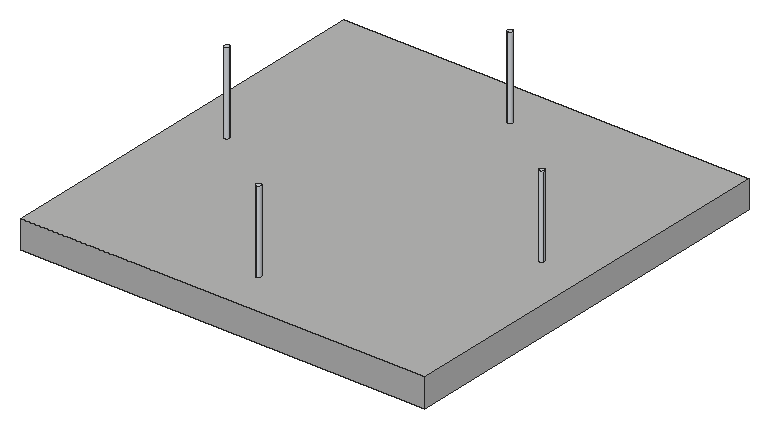
Revit family "Lum_Teto_Quadrada_Pendente", category Lighting Fixtures, host Ceiling, Revit 2025
Family settings
  Host = Ceiling
  Round Connector Dimension = Use Diameter
  Part Type = Normal
  OmniClass Number = 23.80.70.11
  OmniClass Title = Luminaries for Internal Lighting
  Always vertical = Yes
  Cut with Voids When Loaded = No
  Light Source = Yes
  Maintain Annotation Orientation = No
  Shared = No
  Room Calculation Point = Yes
Parameters (values of type "LIMI_QP")
  Wattage = 16.1571 W
  built-in parameter 1150110 = 1 (stored number, unit not read)
  built-in parameter 1114217 = 1 (stored number, unit not read)
  built-in parameter 1150109 = 1 (stored number, unit not read)
  built-in parameter 1150134 = (empty or 0)
  built-in parameter 1150113 = 1 (stored number, unit not read)
  Lumens = 2400 lm
  built-in parameter 1150115 = 1 (stored number, unit not read)
  built-in parameter 1150105 = 763.94 (stored number, unit not read)
  built-in parameter 1150130 = 0.300 m
  built-in parameter 1150137 = (empty or 0)
  built-in parameter 1150139 = (empty or 0)
  built-in parameter 1150112 = 1 (stored number, unit not read)
  built-in parameter 1150114 = 1 (stored number, unit not read)
  L = 0.500 m
  built-in parameter 1150132 = 2
  built-in parameter 1150102 = (empty or 0)
  built-in parameter 1150138 = (empty or 0)
  built-in parameter 1150107 = 3000 (stored number, unit not read)
  built-in parameter 1150106 = 7.6394 (stored number, unit not read)
  Emit from Rectangle Width = 0.120 m
  Emit from Rectangle Length = 0.120 m
  Emit Shape Visible in Rendering = no
  built-in parameter 1150104 = 13.8 (stored number, unit not read)
  E = L / 2  # 0.250 m
  Dimming Lamp Color Temperature Shift = <None>
  Diffuser = Opal Diffuser
  Default Elevation = 0.000 m
  D = 0.100 m
  Color Filter = 16777215
  C = 0.500 m
  Body = Aluminum Housing
  Light Source Symbol Size = 0.3048 m
  built-in parameter 1150133 = 10 (stored number, unit not read)
  A = 0.035 m
Reference planes (m)
  plane 1 "Light Source Axis (F/B)": y = 0
  plane 2 "Ceiling": z = 2.4384
  plane 3 "Light Source Axis (L/R)": x = 0
  plane 4 "Light Source Elevation": z = 2.3034
  plane 5: z = 2.3384
Forms (m)
  Extrusion 1, solid, material "Aluminum Housing" <- "Body"
    sketch origin (-0.02, 0, 2.3034) x (0, -1, 0) y (1, 0, 0)
      loop
        line (-0.25, -0.23) -> (0.25, -0.23) -> (0.25, 0.27) -> (-0.25, 0.27) -> (-0.25, -0.23)
    from 0 to 0.035
  Extrusion 2, solid
    sketch origin (0.39908, -0.001495, 0) x (1, 0, 0) y (0, 1, 0)
      loop
        circle (-0.593446, 0.001495) r 0.003039
    from 2.3384 to 2.4384
  Extrusion 3, solid
    sketch origin (-0.39908, -0.001495, 0) x (-1, 0, 0) y (0, -1, 0)
      loop
        circle (-0.593446, -0.001495) r 0.003039
    from 2.3384 to 2.4384
  Extrusion 4, solid
    sketch origin (0.001495, -0.39908, 0) x (0, -1, 0) y (1, 0, 0)
      loop
        circle (-0.593446, -0.001495) r 0.003039
    from 2.3384 to 2.4384
  Extrusion 5, solid
    sketch origin (0.001495, 0.39908, 0) x (0, 1, 0) y (-1, 0, 0)
      loop
        circle (-0.593446, 0.001495) r 0.003039
    from 2.3384 to 2.4384
Dimensions and locks (m)
  equal spacing: host sketch curve, plane 3 "Light Source Axis (L/R)", host sketch curve
  equal spacing: host sketch curve, plane 1 "Light Source Axis (F/B)", host sketch curve
  host sketch curve to host sketch curve = 3.048 m  (x2)
  equal spacing: Extrusion 1, plane 3 "Light Source Axis (L/R)", Extrusion 1
  equal spacing: Extrusion 1, plane 1 "Light Source Axis (F/B)", Extrusion 1
  "A": plane 5 to plane 4 "Light Source Elevation"
  "D": plane 2 "Ceiling" to plane 5
  "C": Extrusion 1 to Extrusion 1
  "L": Extrusion 1 to Extrusion 1
  aligned and locked: imposter light to plane 3 "Light Source Axis (L/R)"
  aligned and locked: plane 1 "Light Source Axis (F/B)" to imposter light
  aligned and locked: plane 4 "Light Source Elevation" to imposter light
  aligned and locked: plane 5 to Extrusion 1
  aligned and locked: plane 2 "Ceiling" to Extrusion 2
  aligned and locked: Extrusion 2 to Extrusion 1
  aligned and locked: Extrusion 2 to plane 1 "Light Source Axis (F/B)"
  aligned and locked: Extrusion 3 to Extrusion 1
  aligned and locked: host ceiling to Extrusion 3
  aligned and locked: plane 2 "Ceiling" to Extrusion 4
  aligned and locked: plane 2 "Ceiling" to Extrusion 5
  aligned and locked: Extrusion 5 to plane 5
  aligned and locked: Extrusion 4 to plane 5
Automatic sketch dimensions
  Extrusion 1 sketch curve to plane 1 "Light Source Axis (F/B)" = 0.250 m
  plane 1 "Light Source Axis (F/B)" to Extrusion 1 sketch curve = 0.250 m
  Extrusion 1 sketch curve to plane 3 "Light Source Axis (L/R)" = 0.250 m
  plane 3 "Light Source Axis (L/R)" to Extrusion 1 sketch curve = 0.250 m
  Extrusion 2 sketch curve to plane 1 "Light Source Axis (F/B)" = 0.000 m
  Extrusion 2 sketch curve to plane 3 "Light Source Axis (L/R)" = 0.194365 m
  plane 1 "Light Source Axis (F/B)" to Extrusion 3 sketch curve = 0.000 m
  plane 3 "Light Source Axis (L/R)" to Extrusion 3 sketch curve = 0.194365 m
  Extrusion 4 sketch curve to plane 3 "Light Source Axis (L/R)" = 0.000 m
  Extrusion 4 sketch curve to plane 1 "Light Source Axis (F/B)" = 0.194365 m
  Extrusion 5 sketch curve to plane 3 "Light Source Axis (L/R)" = 0.000 m
  plane 1 "Light Source Axis (F/B)" to Extrusion 5 sketch curve = 0.194365 m
  radius of Extrusion 2 sketch curve = 0.003039 m
  radius of Extrusion 3 sketch curve = 0.003039 m
  radius of Extrusion 4 sketch curve = 0.003039 m
  radius of Extrusion 5 sketch curve = 0.003039 m
